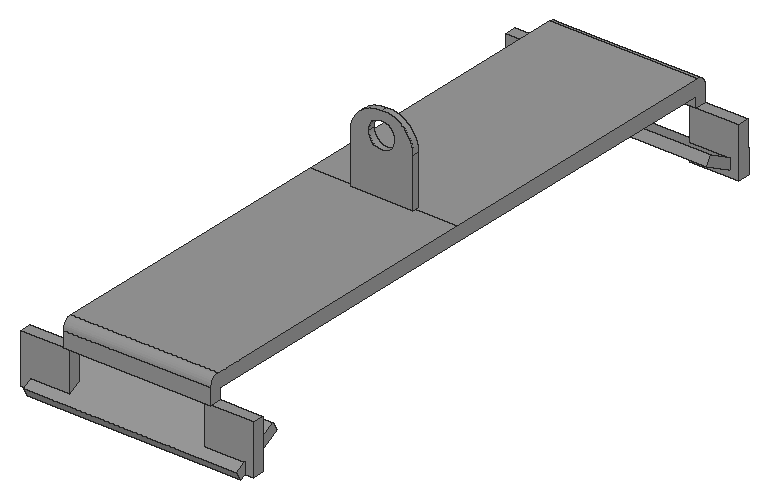
Revit family "Mounting Brackets PNR-05500", category Generic Models, Revit 2017
Family settings
  Can host rebar = No
  Round Connector Dimension = Use Diameter
  Part Type = Normal
  Work Plane-Based = Yes
  Always vertical = No
  Cut with Voids When Loaded = No
  Shared = No
  Room Calculation Point = No
Parameters (values of type "61-B1-R")
  Pendulum Visiblity = no
  Pendulum Start = 31 mm
  Pendulum Height [instance] = 250 mm
  Define - Bracket Article Number = "https://www.veko.com/images/documentation/products/Manual_Veko_linear_system_IP20-65_brackets.pdf"
  Default Elevation = 1219.2 mm
  Bracket Article Number = "*User Defined"
  BT30-R = no
  B7-R = no
  B7SO-R = no
  61-B3-CR = no
  61-B3-R = no
  61-B1-R = yes
  B3-CR = no
  B3-R = no
  BT60-R = no
  BT45-R = no
  B1-R = no
  Mounting_Material = Aluminum 7175 T73 0 Hot Formed
  Model = "61-B1-R"
  Manufacturer = "Veko Lightsystems"
  Description = "Mounting Brackets"
  Bracket_Width = 15 mm
  Copyright © IVLighting = "www.ivlighting.nl"
  Bolt_Visibility = no
  Bolt_Material = Brass, Soft Yellow, Welded
  Assembly Code = "63.0"
  (!) Note To User = "No Pendulum for BT30-R, BT45-R, BT60-R"  # constant formula
Reference planes
  plane 1 "Center (Front/Back)": y = 0
  plane 2: z = 0
  plane 3 "Center (Left/Right)": x = 0
Forms (mm)
  Extrusion 1, solid, material "Aluminum 7175 T73 0 Hot Formed" <- "Mounting_Material", visible <- "B1-R", not visible
    sketch origin (0, 0, 0) x (0, 1, 0) y (0, 0, 1)
      loop
        line (27.316, 16.457) -> (29.324, 15.313)
        arc (29.324, 15.313) -> (30.74, 15.32) -> (31.447, 16.548) r 1.42
        line (31.447, 16.548) -> (31.447, 22.478)
        arc (31.447, 22.478) -> (31.154, 23.185) -> (30.447, 23.478) r 1
        line (30.447, 23.478) -> (23.401, 23.478) -> (22.79, 22.866) -> (0.76, 22.866) -> (0.76, 39.839) -> (-0.76, 39.839) -> (-0.76, 22.866) -> (-22.79, 22.866) -> (-23.401, 23.478) -> (-30.447, 23.478)
        arc (-30.447, 23.478) -> (-31.154, 23.185) -> (-31.447, 22.478) r 1
        line (-31.447, 22.478) -> (-31.447, 16.548)
        arc (-31.447, 16.548) -> (-30.74, 15.32) -> (-29.324, 15.313) r 1.42
        line (-29.324, 15.313) -> (-27.316, 16.457) -> (-27.316, 19.29) -> (-29.392, 18.108)
        arc (-29.392, 18.108) -> (-29.937, 18.113) -> (-30.233, 18.572) r 0.575
        line (-30.233, 18.572) -> (-30.233, 21.978) -> (0, 21.978) -> (30.233, 21.978) -> (30.233, 18.572)
        arc (30.233, 18.572) -> (29.937, 18.113) -> (29.392, 18.108) r 0.575
        line (29.392, 18.108) -> (27.316, 19.29) -> (27.316, 16.457)
    from -7.5 to 7.5
  Extrusion 2, solid, material "Aluminum 7175 T73 0 Hot Formed" <- "Mounting_Material", visible <- "B3-R", not visible
    sketch origin (0, 0, 0) x (0, 1, 0) y (0, 0, 1)
      loop
        line (27.316, 16.457) -> (29.324, 15.313)
        arc (29.324, 15.313) -> (30.74, 15.32) -> (31.447, 16.548) r 1.42
        line (31.447, 16.548) -> (31.447, 22.478)
        arc (31.447, 22.478) -> (31.154, 23.185) -> (30.447, 23.478) r 1
        line (30.447, 23.478) -> (0, 23.478) -> (-30.447, 23.478)
        arc (-30.447, 23.478) -> (-31.154, 23.185) -> (-31.447, 22.478) r 1
        line (-31.447, 22.478) -> (-31.447, 20.993) -> (-31.171, 20.234) -> (-31.171, 17.78) -> (-31.447, 17.02) -> (-31.447, 15) -> (-31.171, 14.241) -> (-31.171, 11.786) -> (-31.447, 11.027) -> (-30.233, 11.027) -> (-30.233, 21.978) -> (0, 21.978) -> (30.233, 21.978) -> (30.233, 18.572)
        arc (30.233, 18.572) -> (29.937, 18.113) -> (29.392, 18.108) r 0.575
        line (29.392, 18.108) -> (27.316, 19.29) -> (27.316, 16.457)
    from -7.5 to 7.5
  Extrusion 3, solid, material "Aluminum 7175 T73 0 Hot Formed" <- "Mounting_Material", visible <- "B3-CR", not visible
    sketch origin (0, 0, 0) x (0, 1, 0) y (0, 0, 1)
      loop
        line (27.316, 16.457) -> (29.324, 15.313)
        arc (29.324, 15.313) -> (30.74, 15.32) -> (31.447, 16.548) r 1.42
        line (31.447, 16.548) -> (31.447, 22.478)
        arc (31.447, 22.478) -> (31.154, 23.185) -> (30.447, 23.478) r 1
        line (30.447, 23.478) -> (0, 23.478) -> (-30.447, 23.478)
        arc (-30.447, 23.478) -> (-31.154, 23.185) -> (-31.447, 22.478) r 1
        line (-31.447, 22.478) -> (-31.447, 20.993) -> (-31.171, 20.234) -> (-31.171, 17.78) -> (-31.447, 17.02) -> (-31.447, 15) -> (-31.171, 14.241) -> (-31.171, 11.786) -> (-31.447, 11.027) -> (-30.233, 11.027) -> (-30.233, 21.978) -> (0, 21.978) -> (30.233, 21.978) -> (30.233, 18.572)
        arc (30.233, 18.572) -> (29.937, 18.113) -> (29.392, 18.108) r 0.575
        line (29.392, 18.108) -> (27.316, 19.29) -> (27.316, 16.457)
    from -7.5 to 7.5
  Extrusion 4, solid, material "Aluminum 7175 T73 0 Hot Formed" <- "Mounting_Material", visible <- "B3-CR", not visible
    sketch origin (0, 0, 0) x (1, 0, 0) y (0, 1, 0)
      loop
        line (0, 10.171) -> (-8.808, 5.085) -> (-8.808, -5.085) -> (-8.808, -15.775) -> (1.45, -15.775) -> (1.45, -12.61) -> (-6.497, -12.61) -> (-6.497, -10.171) -> (0, -10.171) -> (8.808, -5.085) -> (8.808, 5.085) -> (8.808, 15.743) -> (-1.182, 15.743) -> (-1.182, 12.579) -> (6.497, 12.579) -> (6.497, 10.171) -> (0, 10.171)
    from 23.478 to 24.111
  Extrusion 5, solid, material "Aluminum 7175 T73 0 Hot Formed" <- "Mounting_Material", visible <- "B3-CR", not visible
    sketch origin (4.609, -28.355, 0.16) x (-0.981627, 0, -0.190809) y (0, -1, 0)
      loop
        line (-8.808, -12.579) -> (-11.549, -14.161) -> (-8.808, -15.743) -> (-1.345, -15.743) -> (-1.345, -12.579) -> (-8.808, -12.579)
    from 23.478 to 24.111
  Extrusion 6, solid, material "Aluminum 7175 T73 0 Hot Formed" <- "Mounting_Material", visible <- "61-B1-R", not visible
    sketch origin (0, 0, 0) x (0, 1, 0) y (0, 0, 1)
      loop
        line (30.233, 21.978) -> (30.233, 20.905) -> (31.447, 20.905) -> (31.447, 22.478)
        arc (31.447, 22.478) -> (31.154, 23.185) -> (30.447, 23.478) r 1
        line (30.447, 23.478) -> (0, 23.478) -> (-30.447, 23.478)
        arc (-30.447, 23.478) -> (-31.154, 23.185) -> (-31.447, 22.478) r 1
        line (-31.447, 22.478) -> (-31.447, 20.905) -> (-30.233, 20.905) -> (-30.233, 21.978) -> (0, 21.978) -> (30.233, 21.978)
    from -7.5 to 7.5
  Extrusion 7, solid, material "Aluminum 7175 T73 0 Hot Formed" <- "Mounting_Material", visible <- "61-B1-R", not visible
    sketch origin (0, 0, 0) x (1, 0, 0) y (0, 0, 1)
      loop
        line (-15, 20.905) -> (-15, 15.847) -> (-10, 15.847) -> (-10, 20.905) -> (-15, 20.905)
      loop
        line (15, 20.905) -> (10, 20.905) -> (10, 15.851) -> (15, 15.851) -> (15, 20.905)
    from 30.233 to 31.447
  Extrusion 8, solid, material "Aluminum 7175 T73 0 Hot Formed" <- "Mounting_Material", visible <- "61-B1-R", not visible
    sketch origin (0, -4.92, -6.328) x (0, 0.958613, -0.284711) y (0, 0.284711, 0.958613)
      loop
        line (-32.138, 13.312) -> (-28.462, 16.989) -> (-29.144, 17.671) -> (-32.821, 13.994) -> (-32.138, 13.312)
    from -10.76 to 10.938
  Extrusion 9, solid, material "Aluminum 7175 T73 0 Hot Formed" <- "Mounting_Material", visible <- "61-B1-R", not visible
    sketch origin (0, 0, 0) x (1, 0, 0) y (0, 0, -1)
      loop
        line (-15, -20.905) -> (-10, -20.905) -> (-10, -15.847) -> (-15, -15.847) -> (-15, -20.905)
      loop
        line (15, -20.905) -> (15, -15.851) -> (10, -15.851) -> (10, -20.905) -> (15, -20.905)
    from 30.233 to 31.447
  Extrusion 10, solid, material "Aluminum 7175 T73 0 Hot Formed" <- "Mounting_Material", visible <- "61-B1-R", not visible
    sketch origin (0, 4.92, -6.328) x (0, -0.958613, -0.284711) y (0, 0.284711, -0.958613)
      loop
        line (-32.138, -13.312) -> (-32.821, -13.994) -> (-29.144, -17.671) -> (-28.462, -16.989) -> (-32.138, -13.312)
    from -10.76 to 10.938
  Extrusion 11, solid, material "Aluminum 7175 T73 0 Hot Formed" <- "Mounting_Material", visible <- "61-B1-R", not visible
    sketch origin (0, 0, 0) x (1, 0, 0) y (0, 0, 1)
      loop
        line (-3.185, 23.478) -> (3.185, 23.478) -> (3.185, 28.478)
        arc (3.185, 28.478) -> (2.24, 30.663) -> (0, 31.469) r 2.997
        arc (0, 31.469) -> (-2.24, 30.663) -> (-3.185, 28.478) r 2.997
        line (-3.185, 28.478) -> (-3.185, 23.478)
      loop
        circle (0, 29.23) r 1.368
    from -0.341 to 0.325
  Extrusion 12, solid, material "Aluminum 7175 T73 0 Hot Formed" <- "Mounting_Material", visible <- "61-B3-CR", not visible
    sketch origin (0, 0, 0) x (0, 1, 0) y (0, 0, 1)
      loop
        line (30.233, 28.853) -> (30.233, 20.905) -> (31.447, 20.905) -> (31.447, 29.353)
        arc (31.447, 29.353) -> (31.154, 30.06) -> (30.447, 30.353) r 1
        line (30.447, 30.353) -> (0, 30.353) -> (-30.447, 30.353)
        arc (-30.447, 30.353) -> (-31.154, 30.06) -> (-31.447, 29.353) r 1
        line (-31.447, 29.353) -> (-31.447, 20.905) -> (-30.233, 20.905) -> (-30.233, 28.853) -> (-22.988, 28.853) -> (-18.15, 21.943) -> (0, 21.943) -> (18.15, 21.943) -> (22.988, 28.853) -> (30.233, 28.853)
      loop
        line (21.048, 28.853) -> (0, 28.853) -> (-21.048, 28.853) -> (-17.172, 23.317) -> (0, 23.317) -> (17.172, 23.317) -> (21.048, 28.853)
    from -7.5 to 7.5
  Extrusion 13, solid, material "Aluminum 7175 T73 0 Hot Formed" <- "Mounting_Material", visible <- "61-B3-CR", not visible
    sketch origin (0, 0, 0) x (1, 0, 0) y (0, 0, 1)
      loop
        line (-15, 19.866) -> (-15, 15.847) -> (-10, 15.847) -> (-10, 19.866) -> (-15, 19.866)
      loop
        line (15, 19.866) -> (10, 19.866) -> (10, 15.851) -> (15, 15.851) -> (15, 19.866)
    from 30.233 to 31.447
  Extrusion 14, solid, material "Aluminum 7175 T73 0 Hot Formed" <- "Mounting_Material", visible <- "61-B3-CR", not visible
    sketch origin (0, -4.92, -6.328) x (0, 0.958613, -0.284711) y (0, 0.284711, 0.958613)
      loop
        line (-32.138, 13.312) -> (-28.462, 16.989) -> (-29.144, 17.671) -> (-32.821, 13.994) -> (-32.138, 13.312)
    from -10.76 to 10.938
  Extrusion 15, solid, material "Aluminum 7175 T73 0 Hot Formed" <- "Mounting_Material", visible <- "61-B3-CR", not visible
    sketch origin (0, 0, 0) x (1, 0, 0) y (0, 0, -1)
      loop
        line (-15, -19.866) -> (-10, -19.866) -> (-10, -15.847) -> (-15, -15.847) -> (-15, -19.866)
      loop
        line (15, -19.866) -> (15, -15.851) -> (10, -15.851) -> (10, -19.866) -> (15, -19.866)
    from 30.233 to 31.447
  Extrusion 16, solid, material "Aluminum 7175 T73 0 Hot Formed" <- "Mounting_Material", visible <- "61-B3-CR", not visible
    sketch origin (0, 4.92, -6.328) x (0, -0.958613, -0.284711) y (0, 0.284711, -0.958613)
      loop
        line (-32.138, -13.312) -> (-32.821, -13.994) -> (-29.144, -17.671) -> (-28.462, -16.989) -> (-32.138, -13.312)
    from -10.76 to 10.938
  Extrusion 17, solid, material "Aluminum 7175 T73 0 Hot Formed" <- "Mounting_Material", visible <- "61-B3-CR", not visible
    sketch origin (0, 0, 0) x (1, 0, 0) y (0, 0, 1)
      loop
        line (-15, 19.866) -> (-10, 19.866) -> (-10, 20.695) -> (10, 20.695) -> (10, 19.866) -> (15, 19.866)
        arc (15, 19.866) -> (11.572, 22.197) -> (7.5, 22.978) r 10.238
        line (7.5, 22.978) -> (0, 22.978) -> (-7.5, 22.978)
        arc (-7.5, 22.978) -> (-11.572, 22.197) -> (-15, 19.866) r 10.238
    from 30.233 to 31.447
  Extrusion 18, solid, material "Aluminum 7175 T73 0 Hot Formed" <- "Mounting_Material", visible <- "61-B3-CR", not visible
    sketch origin (0, 0, 0) x (1, 0, 0) y (0, 0, -1)
      loop
        arc (-15, -19.866) -> (-11.572, -22.197) -> (-7.5, -22.978) r 10.238
        line (-7.5, -22.978) -> (0, -22.978) -> (7.5, -22.978)
        arc (7.5, -22.978) -> (11.572, -22.197) -> (15, -19.866) r 10.238
        line (15, -19.866) -> (10, -19.866) -> (10, -20.695) -> (-10, -20.695) -> (-10, -19.866) -> (-15, -19.866)
    from 30.233 to 31.447
  Extrusion 19, solid, material "Aluminum 7175 T73 0 Hot Formed" <- "Mounting_Material", visible <- "B3-CR", not visible
    sketch origin (-4.333, -0.014, 0.175) x (0.981627, 0, -0.190809) y (0, 1, 0)
      loop
        line (-8.808, 12.579) -> (-1.345, 12.579) -> (-1.345, 15.743) -> (-8.808, 15.743) -> (-11.549, 14.161) -> (-8.808, 12.579)
    from 23.478 to 24.111
  Extrusion 20, solid, material "Aluminum 7175 T73 0 Hot Formed" <- "Mounting_Material", visible <- "61-B3-R", not visible
    sketch origin (0, 0, 0) x (0, 1, 0) y (0, 0, 1)
      loop
        line (30.233, 28.853) -> (30.233, 20.905) -> (31.447, 20.905) -> (31.447, 29.353)
        arc (31.447, 29.353) -> (31.154, 30.06) -> (30.447, 30.353) r 1
        line (30.447, 30.353) -> (0, 30.353) -> (-30.447, 30.353)
        arc (-30.447, 30.353) -> (-31.154, 30.06) -> (-31.447, 29.353) r 1
        line (-31.447, 29.353) -> (-31.447, 20.905) -> (-30.233, 20.905) -> (-30.233, 28.853) -> (-22.988, 28.853) -> (-18.806, 22.881) -> (0, 22.881) -> (18.806, 22.881) -> (22.988, 28.853) -> (30.233, 28.853)
      loop
        line (21.048, 28.853) -> (0, 28.853) -> (-21.048, 28.853) -> (-17.828, 24.255) -> (0, 24.255) -> (17.828, 24.255) -> (21.048, 28.853)
    from -7.5 to 7.5
  Extrusion 21, solid, material "Aluminum 7175 T73 0 Hot Formed" <- "Mounting_Material", visible <- "61-B3-R", not visible
    sketch origin (0, 0, 0) x (1, 0, 0) y (0, 0, 1)
      loop
        line (-15, 19.866) -> (-15, 15.847) -> (-10, 15.847) -> (-10, 19.866) -> (-15, 19.866)
      loop
        line (15, 19.866) -> (10, 19.866) -> (10, 15.851) -> (15, 15.851) -> (15, 19.866)
    from 30.233 to 31.447
  Extrusion 22, solid, material "Aluminum 7175 T73 0 Hot Formed" <- "Mounting_Material", visible <- "61-B3-R", not visible
    sketch origin (0, -4.92, -6.328) x (0, 0.958613, -0.284711) y (0, 0.284711, 0.958613)
      loop
        line (-32.138, 13.312) -> (-28.462, 16.989) -> (-29.144, 17.671) -> (-32.821, 13.994) -> (-32.138, 13.312)
    from -10.76 to 10.938
  Extrusion 23, solid, material "Aluminum 7175 T73 0 Hot Formed" <- "Mounting_Material", visible <- "61-B3-R", not visible
    sketch origin (0, 0, 0) x (1, 0, 0) y (0, 0, -1)
      loop
        line (-15, -19.866) -> (-10, -19.866) -> (-10, -15.847) -> (-15, -15.847) -> (-15, -19.866)
      loop
        line (15, -19.866) -> (15, -15.851) -> (10, -15.851) -> (10, -19.866) -> (15, -19.866)
    from 30.233 to 31.447
  Extrusion 24, solid, material "Aluminum 7175 T73 0 Hot Formed" <- "Mounting_Material", visible <- "61-B3-R", not visible
    sketch origin (0, 4.92, -6.328) x (0, -0.958613, -0.284711) y (0, 0.284711, -0.958613)
      loop
        line (-32.138, -13.312) -> (-32.821, -13.994) -> (-29.144, -17.671) -> (-28.462, -16.989) -> (-32.138, -13.312)
    from -10.76 to 10.938
  Extrusion 25, solid, material "Aluminum 7175 T73 0 Hot Formed" <- "Mounting_Material", visible <- "61-B3-R", not visible
    sketch origin (0, 0, 0) x (1, 0, 0) y (0, 0, 1)
      loop
        line (-15, 19.866) -> (-10, 19.866) -> (-10, 20.695) -> (10, 20.695) -> (10, 19.866) -> (15, 19.866)
        arc (15, 19.866) -> (11.572, 22.197) -> (7.5, 22.978) r 10.238
        line (7.5, 22.978) -> (0, 22.978) -> (-7.5, 22.978)
        arc (-7.5, 22.978) -> (-11.572, 22.197) -> (-15, 19.866) r 10.238
    from 30.233 to 31.447
  Extrusion 26, solid, material "Aluminum 7175 T73 0 Hot Formed" <- "Mounting_Material", visible <- "61-B3-R", not visible
    sketch origin (0, 0, 0) x (1, 0, 0) y (0, 0, -1)
      loop
        arc (-15, -19.866) -> (-11.572, -22.197) -> (-7.5, -22.978) r 10.238
        line (-7.5, -22.978) -> (0, -22.978) -> (7.5, -22.978)
        arc (7.5, -22.978) -> (11.572, -22.197) -> (15, -19.866) r 10.238
        line (15, -19.866) -> (10, -19.866) -> (10, -20.695) -> (-10, -20.695) -> (-10, -19.866) -> (-15, -19.866)
    from 30.233 to 31.447
  Extrusion 27, solid, material "Aluminum 7175 T73 0 Hot Formed" <- "Mounting_Material", visible <- "B7SO-R", not visible
    sketch origin (0, 0, 0) x (0, 1, 0) y (0, 0, 1)
      loop
        line (27.316, 16.457) -> (29.324, 15.313)
        arc (29.324, 15.313) -> (30.74, 15.32) -> (31.447, 16.548) r 1.42
        line (31.447, 16.548) -> (31.447, 22.478)
        arc (31.447, 22.478) -> (31.154, 23.185) -> (30.447, 23.478) r 1
        line (30.447, 23.478) -> (0.813, 23.478) -> (0.813, 35.978) -> (0, 35.978) -> (-0.813, 35.978) -> (-0.813, 23.478) -> (-30.447, 23.478)
        arc (-30.447, 23.478) -> (-31.154, 23.185) -> (-31.447, 22.478) r 1
        line (-31.447, 22.478) -> (-31.447, 20.993) -> (-31.171, 20.234) -> (-31.171, 17.78) -> (-31.447, 17.02) -> (-31.447, 15) -> (-31.171, 14.241) -> (-31.171, 11.786) -> (-31.447, 11.027) -> (-30.233, 11.027) -> (-30.233, 21.978) -> (0, 21.978) -> (30.233, 21.978) -> (30.233, 18.572)
        arc (30.233, 18.572) -> (29.937, 18.113) -> (29.392, 18.108) r 0.575
        line (29.392, 18.108) -> (27.316, 19.29) -> (27.316, 16.457)
    from -7.5 to 7.5
  Extrusion 28, solid, material "Aluminum 7175 T73 0 Hot Formed" <- "Mounting_Material", visible <- "B7-R", not visible
    sketch origin (0, 0, 0) x (0, 1, 0) y (0, 0, 1)
      loop
        line (27.316, 16.457) -> (29.324, 15.313)
        arc (29.324, 15.313) -> (30.74, 15.32) -> (31.447, 16.548) r 1.42
        line (31.447, 16.548) -> (31.447, 22.478) -> (3.042, 88.4) -> (1.542, 88.4) -> (0.731, 88.182) -> (-4.388, 88.182) -> (-5.154, 88.387)
        arc (-5.154, 88.387) -> (-5.737, 88.059) -> (-5.969, 87.431) r 0.969
        line (-5.969, 87.431) -> (-5.969, 85.938) -> (-5, 85.938) -> (-5, 87.4) -> (2.065, 87.4) -> (29.608, 23.478) -> (0, 23.478) -> (-30.447, 23.478)
        arc (-30.447, 23.478) -> (-31.154, 23.185) -> (-31.447, 22.478) r 1
        line (-31.447, 22.478) -> (-31.447, 20.993) -> (-31.171, 20.234) -> (-31.171, 17.78) -> (-31.447, 17.02) -> (-31.447, 15) -> (-31.171, 14.241) -> (-31.171, 11.786) -> (-31.447, 11.027) -> (-30.233, 11.027) -> (-30.233, 21.978) -> (0, 21.978) -> (30.233, 21.978) -> (30.233, 18.572)
        arc (30.233, 18.572) -> (29.937, 18.113) -> (29.392, 18.108) r 0.575
        line (29.392, 18.108) -> (27.316, 19.29) -> (27.316, 16.457)
    from -7.5 to 7.5
  Extrusion 29, solid, material "Aluminum 7175 T73 0 Hot Formed" <- "Mounting_Material", visible <- "BT30-R", not visible
    sketch origin (0, 0, 0) x (0, 1, 0) y (0, 0, 1)
      loop
        line (27.316, 16.457) -> (29.324, 15.313)
        arc (29.324, 15.313) -> (30.74, 15.32) -> (31.447, 16.548) r 1.42
        line (31.447, 16.548) -> (31.447, 21.978) -> (32.247, 21.978)
        arc (32.247, 21.978) -> (33.17, 22.227) -> (33.843, 22.906) r 1.837
        line (33.843, 22.906) -> (49.45, 50.32) -> (48.147, 51.062) -> (32.443, 23.478) -> (0, 23.478) -> (-30.447, 23.478)
        arc (-30.447, 23.478) -> (-31.154, 23.185) -> (-31.447, 22.478) r 1
        line (-31.447, 22.478) -> (-31.447, 16.548)
        arc (-31.447, 16.548) -> (-30.74, 15.32) -> (-29.324, 15.313) r 1.42
        line (-29.324, 15.313) -> (-27.316, 16.457) -> (-27.316, 19.29) -> (-29.392, 18.108)
        arc (-29.392, 18.108) -> (-29.937, 18.113) -> (-30.233, 18.572) r 0.575
        line (-30.233, 18.572) -> (-30.233, 21.978) -> (0, 21.978) -> (30.233, 21.978) -> (30.233, 18.572)
        arc (30.233, 18.572) -> (29.937, 18.113) -> (29.392, 18.108) r 0.575
        line (29.392, 18.108) -> (27.316, 19.29) -> (27.316, 16.457)
    from -7.5 to 7.5
  Extrusion 30, solid, material "Aluminum 7175 T73 0 Hot Formed" <- "Mounting_Material", visible <- "BT45-R", not visible
    sketch origin (0, 85, 0) x (0, 1, 0) y (0, 0, 1)
      loop
        line (-54.767, 11.027) -> (-53.77, 11.027) -> (-54.165, 11.855) -> (-54.165, 14.107) -> (-53.77, 15.038) -> (-53.77, 17.847) -> (-54.165, 18.798) -> (-54.165, 21.05) -> (-53.771, 21.978) -> (-52.753, 21.978)
        arc (-52.753, 21.978) -> (-51.83, 22.227) -> (-51.157, 22.906) r 1.837
        line (-51.157, 22.906) -> (-45.238, 33.302) -> (-46.542, 34.044) -> (-52.557, 23.478) -> (-55.118, 23.478) -> (-55.955, 23.254) -> (-58.249, 23.254) -> (-59.086, 23.478) -> (-61.38, 23.478) -> (-62.217, 23.254) -> (-64.512, 23.254) -> (-65.348, 23.478) -> (-67.643, 23.478) -> (-68.48, 23.254) -> (-70.774, 23.254) -> (-71.611, 23.478) -> (-73.905, 23.478) -> (-74.742, 23.254) -> (-77.036, 23.254) -> (-77.873, 23.478) -> (-80.167, 23.478) -> (-81.004, 23.254) -> (-83.299, 23.254) -> (-84.135, 23.478) -> (-86.43, 23.478) -> (-87.267, 23.254) -> (-89.561, 23.254) -> (-90.398, 23.478) -> (-92.692, 23.478) -> (-93.529, 23.254) -> (-95.823, 23.254) -> (-96.66, 23.478) -> (-98.954, 23.478) -> (-99.791, 23.254) -> (-102.086, 23.254) -> (-102.922, 23.478) -> (-105.217, 23.478) -> (-106.053, 23.254) -> (-108.348, 23.254) -> (-109.185, 23.478) -> (-111.479, 23.478) -> (-112.316, 23.254) -> (-114.61, 23.254) -> (-115.447, 23.478)
        arc (-115.447, 23.478) -> (-116.154, 23.185) -> (-116.447, 22.478) r 1
        line (-116.447, 22.478) -> (-116.054, 21.554) -> (-116.054, 17.516) -> (-116.45, 16.565)
        arc (-116.45, 16.565) -> (-115.743, 15.334) -> (-114.323, 15.324) r 1.426
        line (-114.323, 15.324) -> (-112.316, 16.457) -> (-112.316, 19.29) -> (-114.392, 18.108)
        arc (-114.392, 18.108) -> (-114.937, 18.113) -> (-115.233, 18.572) r 0.575
        line (-115.233, 18.572) -> (-115.233, 21.978) -> (-85, 21.978) -> (-54.767, 21.978) -> (-54.767, 11.027)
    from -7.5 to 7.5
  Extrusion 31, solid, material "Aluminum 7175 T73 0 Hot Formed" <- "Mounting_Material", visible <- "BT60-R", not visible
    sketch origin (0, 0, 48.659) x (0, 1, 0) y (0, 0, 1)
      loop
        line (30.233, -37.632) -> (31.23, -37.632) -> (30.835, -36.805) -> (30.835, -34.552) -> (31.23, -33.621) -> (31.23, -30.812) -> (30.835, -29.862) -> (30.835, -27.609) -> (31.229, -26.865) -> (51.053, -26.865)
        arc (51.053, -26.865) -> (51.914, -26.658) -> (52.589, -26.084) r 1.9
        line (52.589, -26.084) -> (60.792, -17.377) -> (59.701, -16.348) -> (51.378, -25.181) -> (48.669, -25.181) -> (47.832, -25.405) -> (45.538, -25.405) -> (44.701, -25.181) -> (42.406, -25.181) -> (41.57, -25.405) -> (39.275, -25.405) -> (38.439, -25.181) -> (36.144, -25.181) -> (35.307, -25.405) -> (33.013, -25.405) -> (32.176, -25.181) -> (29.882, -25.181) -> (29.045, -25.405) -> (26.751, -25.405) -> (25.914, -25.181) -> (23.62, -25.181) -> (22.783, -25.405) -> (20.488, -25.405) -> (19.652, -25.181) -> (17.357, -25.181) -> (16.52, -25.405) -> (14.226, -25.405) -> (13.389, -25.181) -> (11.095, -25.181) -> (10.258, -25.405) -> (7.964, -25.405) -> (7.127, -25.181) -> (4.833, -25.181) -> (3.996, -25.405) -> (1.701, -25.405) -> (0.865, -25.181) -> (-1.43, -25.181) -> (-2.267, -25.405) -> (-4.561, -25.405) -> (-5.398, -25.181) -> (-7.692, -25.181) -> (-8.529, -25.405) -> (-10.823, -25.405) -> (-11.66, -25.181) -> (-13.954, -25.181) -> (-14.791, -25.405) -> (-17.086, -25.405) -> (-17.922, -25.181) -> (-20.217, -25.181) -> (-21.053, -25.405) -> (-23.348, -25.405) -> (-24.185, -25.181) -> (-26.479, -25.181) -> (-27.316, -25.405) -> (-29.61, -25.405) -> (-30.447, -25.181)
        arc (-30.447, -25.181) -> (-31.154, -25.474) -> (-31.447, -26.181) r 1
        line (-31.447, -26.181) -> (-31.054, -27.106) -> (-31.054, -31.143) -> (-31.45, -32.094)
        arc (-31.45, -32.094) -> (-30.743, -33.325) -> (-29.323, -33.336) r 1.426
        line (-29.323, -33.336) -> (-27.316, -32.203) -> (-27.316, -29.37) -> (-29.392, -30.552)
        arc (-29.392, -30.552) -> (-29.937, -30.546) -> (-30.233, -30.087) r 0.575
        line (-30.233, -30.087) -> (-30.233, -26.681) -> (0, -26.681) -> (30.233, -26.681) -> (30.233, -37.632)
    from -7.5 to 7.5
  Extrusion 32, solid, material "Aluminum 7175 T73 0 Hot Formed" <- "Mounting_Material", visible <- "61-B3-CR", not visible
    sketch origin (-0.121, 0, 7.036) x (1, 0, 0) y (0, 1, 0)
      loop
        line (0, 10.171) -> (-8.808, 5.085) -> (-8.808, -5.085) -> (-8.808, -15.775) -> (1.45, -15.775) -> (1.45, -12.61) -> (-6.497, -12.61) -> (-6.497, -10.171) -> (0, -10.171) -> (8.808, -5.085) -> (8.808, 5.085) -> (8.808, 15.743) -> (-1.182, 15.743) -> (-1.182, 12.579) -> (6.497, 12.579) -> (6.497, 10.171) -> (0, 10.171)
    from 23.478 to 24.111
  Extrusion 33, solid, material "Aluminum 7175 T73 0 Hot Formed" <- "Mounting_Material", visible <- "61-B3-CR", not visible
    sketch origin (4.488, -28.355, 7.196) x (-0.981627, 0, -0.190809) y (0, -1, 0)
      loop
        line (-8.808, -12.579) -> (-11.549, -14.161) -> (-8.808, -15.743) -> (-1.345, -15.743) -> (-1.345, -12.579) -> (-8.808, -12.579)
    from 23.478 to 24.111
  Extrusion 34, solid, material "Aluminum 7175 T73 0 Hot Formed" <- "Mounting_Material", visible <- "61-B3-CR", not visible
    sketch origin (-4.463, -0.026, 7.196) x (0.981627, 0, -0.190809) y (0, 1, 0)
      loop
        line (-8.808, 12.579) -> (-1.345, 12.579) -> (-1.345, 15.743) -> (-8.808, 15.743) -> (-11.549, 14.161) -> (-8.808, 12.579)
    from 23.478 to 24.111
  Extrusion 35, solid, material "Aluminum 7175 T73 0 Hot Formed" <- "Mounting_Material", visible <- "61-B1-R"
    sketch origin (0, 0, -0.078) x (0, 1, 0) y (0, 0, 1)
      loop
        line (30.233, 21.978) -> (30.233, 20.905) -> (31.447, 20.905) -> (31.447, 22.478)
        arc (31.447, 22.478) -> (31.154, 23.185) -> (30.447, 23.478) r 1
        line (30.447, 23.478) -> (0, 23.478) -> (-30.447, 23.478)
        arc (-30.447, 23.478) -> (-31.154, 23.185) -> (-31.447, 22.478) r 1
        line (-31.447, 22.478) -> (-31.447, 20.905) -> (-30.233, 20.905) -> (-30.233, 21.978) -> (0, 21.978) -> (30.233, 21.978)
    from -7.5 to 7.5
  Extrusion 36, solid, material "Aluminum 7175 T73 0 Hot Formed" <- "Mounting_Material", visible <- "61-B1-R"
    sketch origin (0, 0, -0.078) x (1, 0, 0) y (0, 0, 1)
      loop
        line (-11.875, 20.905) -> (-11.875, 15.847) -> (-6.875, 15.847) -> (-6.875, 20.905) -> (-11.875, 20.905)
      loop
        line (11.875, 20.905) -> (6.875, 20.905) -> (6.875, 15.851) -> (11.875, 15.851) -> (11.875, 20.905)
    from 30.233 to 31.447
  Extrusion 37, solid, material "Aluminum 7175 T73 0 Hot Formed" <- "Mounting_Material", visible <- "61-B1-R"
    sketch origin (0, -4.92, -6.406) x (0, 0.958613, -0.284711) y (0, 0.284711, 0.958613)
      loop
        line (-32.138, 13.312) -> (-28.462, 16.989) -> (-29.144, 17.671) -> (-32.821, 13.994) -> (-32.138, 13.312)
    from -10.76 to 10.938
  Extrusion 38, solid, material "Aluminum 7175 T73 0 Hot Formed" <- "Mounting_Material", visible <- "61-B1-R"
    sketch origin (0, 0, -0.078) x (1, 0, 0) y (0, 0, -1)
      loop
        line (-11.875, -20.905) -> (-6.875, -20.905) -> (-6.875, -15.847) -> (-11.875, -15.847) -> (-11.875, -20.905)
      loop
        line (11.875, -20.905) -> (11.875, -15.851) -> (6.875, -15.851) -> (6.875, -20.905) -> (11.875, -20.905)
    from 30.233 to 31.447
  Extrusion 39, solid, material "Aluminum 7175 T73 0 Hot Formed" <- "Mounting_Material", visible <- "61-B1-R"
    sketch origin (0, 4.92, -6.406) x (0, -0.958613, -0.284711) y (0, 0.284711, -0.958613)
      loop
        line (-32.138, -13.312) -> (-32.821, -13.994) -> (-29.144, -17.671) -> (-28.462, -16.989) -> (-32.138, -13.312)
    from -10.76 to 10.938
  Extrusion 40, solid, material "Aluminum 7175 T73 0 Hot Formed" <- "Mounting_Material", visible <- "61-B1-R"
    sketch origin (0, 0, -0.078) x (1, 0, 0) y (0, 0, 1)
      loop
        line (-3.185, 23.478) -> (3.185, 23.478) -> (3.185, 28.478)
        arc (3.185, 28.478) -> (2.24, 30.663) -> (0, 31.469) r 2.997
        arc (0, 31.469) -> (-2.24, 30.663) -> (-3.185, 28.478) r 2.997
        line (-3.185, 28.478) -> (-3.185, 23.478)
      loop
        circle (0, 29.23) r 1.368
    from -0.341 to 0.325
  Extrusion 41, solid, material "Aluminum 7175 T73 0 Hot Formed" <- "Mounting_Material", not visible
    sketch origin (0, 0, 21.9) x (0, 1, 0) y (0, 0, 1)
      loop
        arc (31.527, 39.693) -> (31.34, 40.143) -> (30.889, 40.33) r 0.637
        line (30.889, 40.33) -> (26.342, 40.33) -> (0.65, 97.402) -> (0.65, 107.259) -> (-0.65, 107.259) -> (-0.65, 96.933) -> (25.582, 38.662) -> (30.312, 38.662) -> (30.313, 20.737) -> (31.527, 20.737) -> (31.527, 21.718) -> (31.25, 22.477) -> (31.25, 24.932) -> (31.527, 25.691) -> (31.527, 27.711) -> (31.25, 28.471) -> (31.25, 30.925) -> (31.527, 31.684) -> (31.527, 33.705) -> (31.25, 34.464) -> (31.25, 36.919) -> (31.527, 37.678) -> (31.527, 39.693)
    from 0 to 8.75
  Extrusion 42, solid, material "Aluminum 7175 T73 0 Hot Formed" <- "Mounting_Material", not visible
    sketch origin (0, -0.233, -28.889) x (0, 1, 0) y (0, 0, 1)
      loop
        line (5.837, 138.361) -> (4.016, 138.361) -> (3.204, 138.144) -> (-1.915, 138.144) -> (-2.681, 138.349)
        arc (-2.681, 138.349) -> (-3.264, 138.02) -> (-3.495, 137.392) r 0.969
        line (-3.495, 137.392) -> (-3.495, 135.9) -> (-2.526, 135.9) -> (-2.526, 137.361) -> (4.784, 137.361) -> (25.815, 89.451) -> (30.545, 89.451) -> (30.545, 71.526) -> (31.759, 71.526) -> (31.759, 72.507) -> (31.483, 73.266) -> (31.483, 75.72) -> (31.759, 76.48) -> (31.759, 78.5) -> (31.483, 79.259) -> (31.483, 81.714) -> (31.759, 82.473) -> (31.759, 84.494) -> (31.483, 85.253) -> (31.483, 87.707) -> (31.759, 88.466) -> (31.759, 90.481)
        arc (31.759, 90.481) -> (31.573, 90.932) -> (31.122, 91.119) r 0.637
        line (31.122, 91.119) -> (26.575, 91.119) -> (5.837, 138.361)
    from -7.5 to 7.5
  Extrusion 43, solid, material "Aluminum 7175 T73 0 Hot Formed" <- "Mounting_Material", not visible
    sketch origin (0, 0, 21.9) x (0, 1, 0) y (0, 0, 1)
      loop
        line (5.071, 83.809) -> (3.065, 83.809) -> (2.253, 83.592) -> (-2.22, 83.592) -> (-2.985, 83.797)
        arc (-2.985, 83.797) -> (-3.569, 83.469) -> (-3.8, 82.841) r 0.969
        line (-3.8, 82.841) -> (-3.8, 81.348) -> (-2.831, 81.348) -> (-2.831, 82.809) -> (3.942, 82.809) -> (18.322, 58.649) -> (23.053, 58.649) -> (23.053, 40.724) -> (24.267, 40.724) -> (24.267, 41.705) -> (23.991, 42.464) -> (23.991, 44.919) -> (24.267, 45.678) -> (24.267, 47.698) -> (23.991, 48.457) -> (23.991, 50.912) -> (24.267, 51.671) -> (24.267, 53.692) -> (23.991, 54.451) -> (23.991, 56.905) -> (24.267, 57.665) -> (24.267, 59.679)
        arc (24.267, 59.679) -> (24.08, 60.13) -> (23.63, 60.317) r 0.637
        line (23.63, 60.317) -> (19.083, 60.317) -> (5.071, 83.809)
    from -7.5 to 7.5
  Extrusion 44, solid, material "Aluminum 7175 T73 0 Hot Formed" <- "Mounting_Material", not visible
    sketch origin (0, 0, 21.9) x (0, 1, 0) y (0, 0, 1)
      loop
        line (-19.083, 60.317) -> (-23.451, 60.317)
        arc (-23.451, 60.317) -> (-24.003, 60.088) -> (-24.231, 59.537) r 0.78
        line (-24.231, 59.537) -> (-24.231, 52.95) -> (-21.643, 52.95) -> (-21.643, 54.321) -> (-23.053, 54.321) -> (-23.053, 58.649) -> (-18.322, 58.649) -> (-5.064, 80.716) -> (-1.86, 80.716) -> (-1.86, 82.666) -> (-2.699, 82.666) -> (-2.699, 81.254) -> (-3.886, 81.254) -> (-3.886, 83.878) -> (-2.831, 83.878) -> (-1.86, 83.618) -> (-1.86, 84.724) -> (-5.071, 84.724) -> (-5.071, 83.636) -> (-19.083, 60.317)
    from -7.5 to 7.5
  Extrusion 45, solid, material "Aluminum 7175 T73 0 Hot Formed" <- "Mounting_Material", not visible
    sketch origin (0, 0, 21.9) x (0, 1, 0) y (0, 0, 1)
      loop
        line (4.533, 28.165) -> (2.267, 28.165) -> (2.267, 30.175) -> (0.73, 31.465) -> (0.73, 46.605) -> (-0.652, 46.605) -> (-0.652, 31.531) -> (-2.267, 30.175) -> (-2.267, 28.165) -> (-4.533, 28.165) -> (-6.218, 26.48) -> (-6.218, 23.733) -> (0, 23.733) -> (6.218, 23.733) -> (6.218, 26.48) -> (4.533, 28.165)
    from -7.5 to 7.5
  Extrusion 46, solid, material "Aluminum 7175 T73 0 Hot Formed" <- "Mounting_Material", not visible
    sketch origin (0, 0, 21.9) x (0, 1, 0) y (0, 0, 1)
      loop
        line (4.533, 28.165) -> (2.045, 28.165) -> (2.045, 30.211) -> (12.468, 30.211) -> (12.468, 90.211) -> (-6.218, 90.211) -> (-6.218, 86.79) -> (-4.773, 86.79) -> (-4.773, 88.776) -> (10.718, 88.776) -> (10.718, 31.777) -> (-12.468, 31.777) -> (-12.468, 30.211) -> (-2.037, 30.211) -> (-2.037, 28.165) -> (-4.533, 28.165) -> (-6.218, 26.48) -> (-6.218, 23.733) -> (0, 23.733) -> (6.218, 23.733) -> (6.218, 26.48) -> (4.533, 28.165)
    from -7.5 to 7.5
  Extrusion 47, solid, material "Aluminum 7175 T73 0 Hot Formed" <- "Mounting_Material", not visible
    sketch origin (0, 0, 21.9) x (0, 1, 0) y (0, 0, 1)
      loop
        line (4.533, 28.165) -> (2.267, 28.165) -> (2.267, 29.003) -> (1.256, 30.209) -> (-1.256, 30.209) -> (-2.267, 29.003) -> (-2.267, 28.165) -> (-4.533, 28.165) -> (-6.218, 26.48) -> (-6.218, 23.733) -> (0, 23.733) -> (6.218, 23.733) -> (6.218, 26.48) -> (4.533, 28.165)
    from -7.5 to 7.5
  Revolve 48, solid, material "Aluminum 7175 T73 0 Hot Formed" <- "Mounting_Material", not visible
    sketch origin (0, 0, 21.9) x (0, 1, 0) y (0, 0, 1)
      loop
        line (0, 30.209) -> (2.267, 30.209) -> (2.267, 67.425) -> (1.27, 67.425) -> (1.27, 72.72) -> (0, 72.72) -> (0, 30.209)
      axis (0, 72.72) -> (0, 30.209)
    angle from 0 to 360
  Extrusion 49, solid, material "Aluminum 7175 T73 0 Hot Formed" <- "Mounting_Material", not visible
    sketch origin (0, 0, 21.9) x (0, 1, 0) y (0, 0, 1)
      loop
        line (4.74, 28.665) -> (3.683, 27.155)
        arc (3.683, 27.155) -> (3.298, 27.024) -> (3.057, 27.352) r 0.344
        line (3.057, 27.352) -> (3.057, 33.9) -> (5.647, 33.9) -> (5.647, 48.605) -> (0, 48.605) -> (-5.647, 48.605) -> (-5.647, 33.9) -> (-3.057, 33.9) -> (-3.057, 27.352)
        arc (-3.057, 27.352) -> (-3.298, 27.024) -> (-3.683, 27.155) r 0.344
        line (-3.683, 27.155) -> (-4.74, 28.665) -> (-5.339, 28.066) -> (-3.043, 24.787)
        arc (-3.043, 24.787) -> (-2.691, 24.668) -> (-2.471, 24.967) r 0.314
        line (-2.471, 24.967) -> (-2.471, 34.442) -> (-5.087, 34.442) -> (-5.087, 48.023) -> (0, 48.023) -> (5.087, 48.023) -> (5.087, 34.442) -> (2.471, 34.442) -> (2.471, 24.967)
        arc (2.471, 24.967) -> (2.691, 24.668) -> (3.043, 24.787) r 0.314
        line (3.043, 24.787) -> (5.339, 28.066) -> (4.74, 28.665)
    from -7.5 to 7.5
  Extrusion 50, solid, material "Aluminum 7175 T73 0 Hot Formed" <- "Mounting_Material", not visible
    sketch origin (0, 0, 21.9) x (0, 1, 0) y (0, 0, 1)
      loop
        line (4.74, 28.665) -> (3.683, 27.155)
        arc (3.683, 27.155) -> (3.298, 27.024) -> (3.057, 27.352) r 0.344
        line (3.057, 27.352) -> (3.057, 33.9) -> (5.647, 33.9) -> (5.647, 48.605) -> (0, 48.605) -> (-5.647, 48.605) -> (-5.647, 33.9) -> (-3.057, 33.9) -> (-3.057, 27.352)
        arc (-3.057, 27.352) -> (-3.298, 27.024) -> (-3.683, 27.155) r 0.344
        line (-3.683, 27.155) -> (-4.74, 28.665) -> (-5.339, 28.066) -> (-3.043, 24.787)
        arc (-3.043, 24.787) -> (-2.691, 24.668) -> (-2.471, 24.967) r 0.314
        line (-2.471, 24.967) -> (-2.471, 34.442) -> (-5.087, 34.442) -> (-5.087, 48.023) -> (0, 48.023) -> (5.087, 48.023) -> (5.087, 34.442) -> (2.471, 34.442) -> (2.471, 24.967)
        arc (2.471, 24.967) -> (2.691, 24.668) -> (3.043, 24.787) r 0.314
        line (3.043, 24.787) -> (5.339, 28.066) -> (4.74, 28.665)
    from -7.5 to 7.5
  Extrusion 51, solid, material "Aluminum 7175 T73 0 Hot Formed" <- "Mounting_Material", not visible
    sketch origin (0, 0, 47.003) x (1, 0, 0) y (0, 1, 0)
      loop
        line (0, 10.171) -> (-8.808, 5.085) -> (-8.808, -5.085) -> (-8.808, -15.775) -> (1.45, -15.775) -> (1.45, -12.61) -> (-6.497, -12.61) -> (-6.497, -10.171) -> (0, -10.171) -> (8.808, -5.085) -> (8.808, 5.085) -> (8.808, 15.743) -> (-1.182, 15.743) -> (-1.182, 12.579) -> (6.497, 12.579) -> (6.497, 10.171) -> (0, 10.171)
    from 23.478 to 24.111
  Extrusion 52, solid, material "Aluminum 7175 T73 0 Hot Formed" <- "Mounting_Material", not visible
    sketch origin (4.609, -28.355, 47.163) x (-0.981627, 0, -0.190809) y (0, -1, 0)
      loop
        line (-8.808, -12.579) -> (-11.549, -14.161) -> (-8.808, -15.743) -> (-1.345, -15.743) -> (-1.345, -12.579) -> (-8.808, -12.579)
    from 23.478 to 24.111
  Extrusion 53, solid, material "Aluminum 7175 T73 0 Hot Formed" <- "Mounting_Material", not visible
    sketch origin (-4.342, -0.026, 47.163) x (0.981627, 0, -0.190809) y (0, 1, 0)
      loop
        line (-8.808, 12.579) -> (-1.345, 12.579) -> (-1.345, 15.743) -> (-8.808, 15.743) -> (-11.549, 14.161) -> (-8.808, 12.579)
    from 23.478 to 24.111
  Extrusion 54, solid, material "Aluminum 7175 T73 0 Hot Formed" <- "Mounting_Material", visible <- "61-B3-CR"
    sketch origin (0, 0, -0.043) x (0, 1, 0) y (0, 0, 1)
      loop
        line (30.233, 28.853) -> (30.233, 20.905) -> (31.447, 20.905) -> (31.447, 29.353)
        arc (31.447, 29.353) -> (31.154, 30.06) -> (30.447, 30.353) r 1
        line (30.447, 30.353) -> (0, 30.353) -> (-30.447, 30.353)
        arc (-30.447, 30.353) -> (-31.154, 30.06) -> (-31.447, 29.353) r 1
        line (-31.447, 29.353) -> (-31.447, 20.905) -> (-30.233, 20.905) -> (-30.233, 28.853) -> (-22.988, 28.853) -> (-18.15, 21.943) -> (0, 21.943) -> (18.15, 21.943) -> (22.988, 28.853) -> (30.233, 28.853)
      loop
        line (21.048, 28.853) -> (0, 28.853) -> (-21.048, 28.853) -> (-17.172, 23.317) -> (0, 23.317) -> (17.172, 23.317) -> (21.048, 28.853)
    from -7.5 to 7.5
  Extrusion 55, solid, material "Aluminum 7175 T73 0 Hot Formed" <- "Mounting_Material", visible <- "61-B3-CR"
    sketch origin (0, 0, -0.043) x (1, 0, 0) y (0, 0, 1)
      loop
        line (-15, 19.866) -> (-15, 15.847) -> (-10, 15.847) -> (-10, 19.866) -> (-15, 19.866)
      loop
        line (15, 19.866) -> (10, 19.866) -> (10, 15.851) -> (15, 15.851) -> (15, 19.866)
    from 30.233 to 31.447
  Extrusion 56, solid, material "Aluminum 7175 T73 0 Hot Formed" <- "Mounting_Material", visible <- "61-B3-CR"
    sketch origin (0, -4.92, -6.371) x (0, 0.958613, -0.284711) y (0, 0.284711, 0.958613)
      loop
        line (-32.138, 13.312) -> (-28.462, 16.989) -> (-29.144, 17.671) -> (-32.821, 13.994) -> (-32.138, 13.312)
    from -10.76 to 10.938
  Extrusion 57, solid, material "Aluminum 7175 T73 0 Hot Formed" <- "Mounting_Material", visible <- "61-B3-CR"
    sketch origin (0, 0, -0.043) x (1, 0, 0) y (0, 0, -1)
      loop
        line (-15, -19.866) -> (-10, -19.866) -> (-10, -15.847) -> (-15, -15.847) -> (-15, -19.866)
      loop
        line (15, -19.866) -> (15, -15.851) -> (10, -15.851) -> (10, -19.866) -> (15, -19.866)
    from 30.233 to 31.447
  Extrusion 58, solid, material "Aluminum 7175 T73 0 Hot Formed" <- "Mounting_Material", visible <- "61-B3-CR"
    sketch origin (0, 4.92, -6.371) x (0, -0.958613, -0.284711) y (0, 0.284711, -0.958613)
      loop
        line (-32.138, -13.312) -> (-32.821, -13.994) -> (-29.144, -17.671) -> (-28.462, -16.989) -> (-32.138, -13.312)
    from -10.76 to 10.938
  Extrusion 59, solid, material "Aluminum 7175 T73 0 Hot Formed" <- "Mounting_Material", visible <- "61-B3-CR"
    sketch origin (0, 0, -0.043) x (1, 0, 0) y (0, 0, 1)
      loop
        line (-15, 19.866) -> (-10, 19.866) -> (-10, 20.695) -> (10, 20.695) -> (10, 19.866) -> (15, 19.866)
        arc (15, 19.866) -> (11.572, 22.197) -> (7.5, 22.978) r 10.238
        line (7.5, 22.978) -> (0, 22.978) -> (-7.5, 22.978)
        arc (-7.5, 22.978) -> (-11.572, 22.197) -> (-15, 19.866) r 10.238
    from 30.233 to 31.447
  Extrusion 60, solid, material "Aluminum 7175 T73 0 Hot Formed" <- "Mounting_Material", visible <- "61-B3-CR"
    sketch origin (0, 0, -0.043) x (1, 0, 0) y (0, 0, -1)
      loop
        arc (-15, -19.866) -> (-11.572, -22.197) -> (-7.5, -22.978) r 10.238
        line (-7.5, -22.978) -> (0, -22.978) -> (7.5, -22.978)
        arc (7.5, -22.978) -> (11.572, -22.197) -> (15, -19.866) r 10.238
        line (15, -19.866) -> (10, -19.866) -> (10, -20.695) -> (-10, -20.695) -> (-10, -19.866) -> (-15, -19.866)
    from 30.233 to 31.447
  Extrusion 61, solid, material "Aluminum 7175 T73 0 Hot Formed" <- "Mounting_Material", visible <- "61-B3-CR"
    sketch origin (-0.121, 0, 6.993) x (1, 0, 0) y (0, 1, 0)
      loop
        line (0, 10.171) -> (-8.808, 5.085) -> (-8.808, -5.085) -> (-8.808, -15.775) -> (1.45, -15.775) -> (1.45, -12.61) -> (-6.497, -12.61) -> (-6.497, -10.171) -> (0, -10.171) -> (8.808, -5.085) -> (8.808, 5.085) -> (8.808, 15.743) -> (-1.182, 15.743) -> (-1.182, 12.579) -> (6.497, 12.579) -> (6.497, 10.171) -> (0, 10.171)
    from 23.478 to 24.111
  Extrusion 62, solid, material "Aluminum 7175 T73 0 Hot Formed" <- "Mounting_Material", visible <- "61-B3-CR"
    sketch origin (4.488, -28.355, 7.152) x (-0.981627, 0, -0.190809) y (0, -1, 0)
      loop
        line (-8.808, -12.579) -> (-11.549, -14.161) -> (-8.808, -15.743) -> (-1.345, -15.743) -> (-1.345, -12.579) -> (-8.808, -12.579)
    from 23.478 to 24.111
  Extrusion 63, solid, material "Aluminum 7175 T73 0 Hot Formed" <- "Mounting_Material", visible <- "61-B3-CR"
    sketch origin (-4.463, -0.026, 7.152) x (0.981627, 0, -0.190809) y (0, 1, 0)
      loop
        line (-8.808, 12.579) -> (-1.345, 12.579) -> (-1.345, 15.743) -> (-8.808, 15.743) -> (-11.549, 14.161) -> (-8.808, 12.579)
    from 23.478 to 24.111
  Extrusion 64, solid, material "Aluminum 7175 T73 0 Hot Formed" <- "Mounting_Material", visible <- "61-B3-R"
    sketch origin (0, 0, -0.981) x (0, 1, 0) y (0, 0, 1)
      loop
        line (30.233, 28.853) -> (30.233, 20.905) -> (31.447, 20.905) -> (31.447, 29.353)
        arc (31.447, 29.353) -> (31.154, 30.06) -> (30.447, 30.353) r 1
        line (30.447, 30.353) -> (0, 30.353) -> (-30.447, 30.353)
        arc (-30.447, 30.353) -> (-31.154, 30.06) -> (-31.447, 29.353) r 1
        line (-31.447, 29.353) -> (-31.447, 20.905) -> (-30.233, 20.905) -> (-30.233, 28.853) -> (-22.988, 28.853) -> (-18.806, 22.881) -> (0, 22.881) -> (18.806, 22.881) -> (22.988, 28.853) -> (30.233, 28.853)
      loop
        line (21.048, 28.853) -> (0, 28.853) -> (-21.048, 28.853) -> (-17.828, 24.255) -> (0, 24.255) -> (17.828, 24.255) -> (21.048, 28.853)
    from -7.5 to 7.5
  Extrusion 65, solid, material "Aluminum 7175 T73 0 Hot Formed" <- "Mounting_Material", visible <- "61-B3-R"
    sketch origin (0, 0, -0.981) x (1, 0, 0) y (0, 0, 1)
      loop
        line (-15, 19.866) -> (-15, 15.847) -> (-10, 15.847) -> (-10, 19.866) -> (-15, 19.866)
      loop
        line (15, 19.866) -> (10, 19.866) -> (10, 15.851) -> (15, 15.851) -> (15, 19.866)
    from 30.233 to 31.447
  Extrusion 66, solid, material "Aluminum 7175 T73 0 Hot Formed" <- "Mounting_Material", visible <- "61-B3-R"
    sketch origin (0, -4.92, -7.309) x (0, 0.958613, -0.284711) y (0, 0.284711, 0.958613)
      loop
        line (-32.138, 13.312) -> (-28.462, 16.989) -> (-29.144, 17.671) -> (-32.821, 13.994) -> (-32.138, 13.312)
    from -10.76 to 10.938
  Extrusion 67, solid, material "Aluminum 7175 T73 0 Hot Formed" <- "Mounting_Material", visible <- "61-B3-R"
    sketch origin (0, 0, -0.981) x (1, 0, 0) y (0, 0, -1)
      loop
        line (-15, -19.866) -> (-10, -19.866) -> (-10, -15.847) -> (-15, -15.847) -> (-15, -19.866)
      loop
        line (15, -19.866) -> (15, -15.851) -> (10, -15.851) -> (10, -19.866) -> (15, -19.866)
    from 30.233 to 31.447
  Extrusion 68, solid, material "Aluminum 7175 T73 0 Hot Formed" <- "Mounting_Material", visible <- "61-B3-R"
    sketch origin (0, 4.92, -7.309) x (0, -0.958613, -0.284711) y (0, 0.284711, -0.958613)
      loop
        line (-32.138, -13.312) -> (-32.821, -13.994) -> (-29.144, -17.671) -> (-28.462, -16.989) -> (-32.138, -13.312)
    from -10.76 to 10.938
  Extrusion 69, solid, material "Aluminum 7175 T73 0 Hot Formed" <- "Mounting_Material", visible <- "61-B3-R"
    sketch origin (0, 0, -0.981) x (1, 0, 0) y (0, 0, 1)
      loop
        line (-15, 19.866) -> (-10, 19.866) -> (-10, 20.695) -> (10, 20.695) -> (10, 19.866) -> (15, 19.866)
        arc (15, 19.866) -> (11.572, 22.197) -> (7.5, 22.978) r 10.238
        line (7.5, 22.978) -> (0, 22.978) -> (-7.5, 22.978)
        arc (-7.5, 22.978) -> (-11.572, 22.197) -> (-15, 19.866) r 10.238
    from 30.233 to 31.447
  Extrusion 70, solid, material "Aluminum 7175 T73 0 Hot Formed" <- "Mounting_Material", visible <- "61-B3-R"
    sketch origin (0, 0, -0.981) x (1, 0, 0) y (0, 0, -1)
      loop
        arc (-15, -19.866) -> (-11.572, -22.197) -> (-7.5, -22.978) r 10.238
        line (-7.5, -22.978) -> (0, -22.978) -> (7.5, -22.978)
        arc (7.5, -22.978) -> (11.572, -22.197) -> (15, -19.866) r 10.238
        line (15, -19.866) -> (10, -19.866) -> (10, -20.695) -> (-10, -20.695) -> (-10, -19.866) -> (-15, -19.866)
    from 30.233 to 31.447
  Extrusion 71, solid, material "Aluminum 7175 T73 0 Hot Formed" <- "Mounting_Material", visible <- "B1-R"
    sketch origin (0, 0, -0.078) x (0, 1, 0) y (0, 0, 1)
      loop
        line (27.316, 16.457) -> (29.324, 15.313)
        arc (29.324, 15.313) -> (30.74, 15.32) -> (31.447, 16.548) r 1.42
        line (31.447, 16.548) -> (31.447, 22.478)
        arc (31.447, 22.478) -> (31.154, 23.185) -> (30.447, 23.478) r 1
        line (30.447, 23.478) -> (23.401, 23.478) -> (22.79, 22.866) -> (0.76, 22.866) -> (0.76, 39.839) -> (-0.76, 39.839) -> (-0.76, 22.866) -> (-22.79, 22.866) -> (-23.401, 23.478) -> (-30.447, 23.478)
        arc (-30.447, 23.478) -> (-31.154, 23.185) -> (-31.447, 22.478) r 1
        line (-31.447, 22.478) -> (-31.447, 16.548)
        arc (-31.447, 16.548) -> (-30.74, 15.32) -> (-29.324, 15.313) r 1.42
        line (-29.324, 15.313) -> (-27.316, 16.457) -> (-27.316, 19.29) -> (-29.392, 18.108)
        arc (-29.392, 18.108) -> (-29.937, 18.113) -> (-30.233, 18.572) r 0.575
        line (-30.233, 18.572) -> (-30.233, 21.978) -> (0, 21.978) -> (30.233, 21.978) -> (30.233, 18.572)
        arc (30.233, 18.572) -> (29.937, 18.113) -> (29.392, 18.108) r 0.575
        line (29.392, 18.108) -> (27.316, 19.29) -> (27.316, 16.457)
    from -7.5 to 7.5
  Extrusion 72, solid, material "Aluminum 7175 T73 0 Hot Formed" <- "Mounting_Material", visible <- "Bolt_Visibility"
    sketch origin (0, 0, -2.891) x (1, 0, 0) y (0, 0, 1)
      loop
        line (2.374, 19.237) -> (1.243, 21.195) -> (-1.018, 21.195) -> (-2.148, 19.237) -> (-1.018, 17.279) -> (1.243, 17.279) -> (2.374, 19.237)
    from 31.447 to 32.296
  Extrusion 73, solid, material "Aluminum 7175 T73 0 Hot Formed" <- "Mounting_Material", visible <- "B3-CR"
    sketch origin (0, 0, -0.078) x (0, 1, 0) y (0, 0, 1)
      loop
        line (27.316, 16.457) -> (29.324, 15.313)
        arc (29.324, 15.313) -> (30.74, 15.32) -> (31.447, 16.548) r 1.42
        line (31.447, 16.548) -> (31.447, 22.478)
        arc (31.447, 22.478) -> (31.154, 23.185) -> (30.447, 23.478) r 1
        line (30.447, 23.478) -> (0, 23.478) -> (-30.447, 23.478)
        arc (-30.447, 23.478) -> (-31.154, 23.185) -> (-31.447, 22.478) r 1
        line (-31.447, 22.478) -> (-31.447, 20.993) -> (-31.171, 20.234) -> (-31.171, 17.78) -> (-31.447, 17.02) -> (-31.447, 15) -> (-31.171, 14.241) -> (-31.171, 11.786) -> (-31.447, 11.027) -> (-30.233, 11.027) -> (-30.233, 21.978) -> (0, 21.978) -> (30.233, 21.978) -> (30.233, 18.572)
        arc (30.233, 18.572) -> (29.937, 18.113) -> (29.392, 18.108) r 0.575
        line (29.392, 18.108) -> (27.316, 19.29) -> (27.316, 16.457)
    from -7.5 to 7.5
  Extrusion 74, solid, material "Aluminum 7175 T73 0 Hot Formed" <- "Mounting_Material", visible <- "B3-CR"
    sketch origin (0, 0, -0.078) x (1, 0, 0) y (0, 1, 0)
      loop
        line (0, 10.171) -> (-8.808, 5.085) -> (-8.808, -5.085) -> (-8.808, -15.775) -> (1.45, -15.775) -> (1.45, -12.61) -> (-6.497, -12.61) -> (-6.497, -10.171) -> (0, -10.171) -> (8.808, -5.085) -> (8.808, 5.085) -> (8.808, 15.743) -> (-1.182, 15.743) -> (-1.182, 12.579) -> (6.497, 12.579) -> (6.497, 10.171) -> (0, 10.171)
    from 23.478 to 24.111
  Extrusion 75, solid, material "Aluminum 7175 T73 0 Hot Formed" <- "Mounting_Material", visible <- "B3-CR"
    sketch origin (4.609, -28.355, 0.082) x (-0.981627, 0, -0.190809) y (0, -1, 0)
      loop
        line (-8.808, -12.579) -> (-11.549, -14.161) -> (-8.808, -15.743) -> (-1.345, -15.743) -> (-1.345, -12.579) -> (-8.808, -12.579)
    from 23.478 to 24.111
  Extrusion 76, solid, material "Aluminum 7175 T73 0 Hot Formed" <- "Mounting_Material", visible <- "B3-CR"
    sketch origin (-4.333, -0.014, 0.097) x (0.981627, 0, -0.190809) y (0, 1, 0)
      loop
        line (-8.808, 12.579) -> (-1.345, 12.579) -> (-1.345, 15.743) -> (-8.808, 15.743) -> (-11.549, 14.161) -> (-8.808, 12.579)
    from 23.478 to 24.111
  Extrusion 77, solid, material "Aluminum 7175 T73 0 Hot Formed" <- "Mounting_Material", visible <- "B3-R"
    sketch origin (0, 0, -0.078) x (0, 1, 0) y (0, 0, 1)
      loop
        line (27.316, 16.457) -> (29.324, 15.313)
        arc (29.324, 15.313) -> (30.74, 15.32) -> (31.447, 16.548) r 1.42
        line (31.447, 16.548) -> (31.447, 22.478)
        arc (31.447, 22.478) -> (31.154, 23.185) -> (30.447, 23.478) r 1
        line (30.447, 23.478) -> (0, 23.478) -> (-30.447, 23.478)
        arc (-30.447, 23.478) -> (-31.154, 23.185) -> (-31.447, 22.478) r 1
        line (-31.447, 22.478) -> (-31.447, 20.993) -> (-31.171, 20.234) -> (-31.171, 17.78) -> (-31.447, 17.02) -> (-31.447, 15) -> (-31.171, 14.241) -> (-31.171, 11.786) -> (-31.447, 11.027) -> (-30.233, 11.027) -> (-30.233, 21.978) -> (0, 21.978) -> (30.233, 21.978) -> (30.233, 18.572)
        arc (30.233, 18.572) -> (29.937, 18.113) -> (29.392, 18.108) r 0.575
        line (29.392, 18.108) -> (27.316, 19.29) -> (27.316, 16.457)
    from -7.5 to 7.5
  Extrusion 78, solid, material "Aluminum 7175 T73 0 Hot Formed" <- "Mounting_Material", visible <- "B7-R"
    sketch origin (0, 0, -0.078) x (0, 1, 0) y (0, 0, 1)
      loop
        line (27.316, 16.457) -> (29.324, 15.313)
        arc (29.324, 15.313) -> (30.74, 15.32) -> (31.447, 16.548) r 1.42
        line (31.447, 16.548) -> (31.447, 22.478) -> (3.042, 88.4) -> (1.542, 88.4) -> (0.731, 88.182) -> (-4.388, 88.182) -> (-5.154, 88.387)
        arc (-5.154, 88.387) -> (-5.737, 88.059) -> (-5.969, 87.431) r 0.969
        line (-5.969, 87.431) -> (-5.969, 85.938) -> (-5, 85.938) -> (-5, 87.4) -> (2.065, 87.4) -> (29.608, 23.478) -> (0, 23.478) -> (-30.447, 23.478)
        arc (-30.447, 23.478) -> (-31.154, 23.185) -> (-31.447, 22.478) r 1
        line (-31.447, 22.478) -> (-31.447, 20.993) -> (-31.171, 20.234) -> (-31.171, 17.78) -> (-31.447, 17.02) -> (-31.447, 15) -> (-31.171, 14.241) -> (-31.171, 11.786) -> (-31.447, 11.027) -> (-30.233, 11.027) -> (-30.233, 21.978) -> (0, 21.978) -> (30.233, 21.978) -> (30.233, 18.572)
        arc (30.233, 18.572) -> (29.937, 18.113) -> (29.392, 18.108) r 0.575
        line (29.392, 18.108) -> (27.316, 19.29) -> (27.316, 16.457)
    from -7.5 to 7.5
  Extrusion 79, solid, material "Aluminum 7175 T73 0 Hot Formed" <- "Mounting_Material", visible <- "B7SO-R"
    sketch origin (0, 0, -0.078) x (0, 1, 0) y (0, 0, 1)
      loop
        line (27.316, 16.457) -> (29.324, 15.313)
        arc (29.324, 15.313) -> (30.74, 15.32) -> (31.447, 16.548) r 1.42
        line (31.447, 16.548) -> (31.447, 22.478)
        arc (31.447, 22.478) -> (31.154, 23.185) -> (30.447, 23.478) r 1
        line (30.447, 23.478) -> (0.813, 23.478) -> (0.813, 35.978) -> (0, 35.978) -> (-0.813, 35.978) -> (-0.813, 23.478) -> (-30.447, 23.478)
        arc (-30.447, 23.478) -> (-31.154, 23.185) -> (-31.447, 22.478) r 1
        line (-31.447, 22.478) -> (-31.447, 20.993) -> (-31.171, 20.234) -> (-31.171, 17.78) -> (-31.447, 17.02) -> (-31.447, 15) -> (-31.171, 14.241) -> (-31.171, 11.786) -> (-31.447, 11.027) -> (-30.233, 11.027) -> (-30.233, 21.978) -> (0, 21.978) -> (30.233, 21.978) -> (30.233, 18.572)
        arc (30.233, 18.572) -> (29.937, 18.113) -> (29.392, 18.108) r 0.575
        line (29.392, 18.108) -> (27.316, 19.29) -> (27.316, 16.457)
    from -7.5 to 7.5
  Extrusion 80, solid, material "Aluminum 7175 T73 0 Hot Formed" <- "Mounting_Material", visible <- "BT30-R"
    sketch origin (0, 0, -0.078) x (0, 1, 0) y (0, 0, 1)
      loop
        line (27.316, 16.457) -> (29.324, 15.313)
        arc (29.324, 15.313) -> (30.74, 15.32) -> (31.447, 16.548) r 1.42
        line (31.447, 16.548) -> (31.447, 21.978) -> (32.247, 21.978)
        arc (32.247, 21.978) -> (33.17, 22.227) -> (33.843, 22.906) r 1.837
        line (33.843, 22.906) -> (49.45, 50.32) -> (48.147, 51.062) -> (32.443, 23.478) -> (0, 23.478) -> (-30.447, 23.478)
        arc (-30.447, 23.478) -> (-31.154, 23.185) -> (-31.447, 22.478) r 1
        line (-31.447, 22.478) -> (-31.447, 16.548)
        arc (-31.447, 16.548) -> (-30.74, 15.32) -> (-29.324, 15.313) r 1.42
        line (-29.324, 15.313) -> (-27.316, 16.457) -> (-27.316, 19.29) -> (-29.392, 18.108)
        arc (-29.392, 18.108) -> (-29.937, 18.113) -> (-30.233, 18.572) r 0.575
        line (-30.233, 18.572) -> (-30.233, 21.978) -> (0, 21.978) -> (30.233, 21.978) -> (30.233, 18.572)
        arc (30.233, 18.572) -> (29.937, 18.113) -> (29.392, 18.108) r 0.575
        line (29.392, 18.108) -> (27.316, 19.29) -> (27.316, 16.457)
    from -8.75 to 8.75
  Extrusion 81, solid, material "Aluminum 7175 T73 0 Hot Formed" <- "Mounting_Material", visible <- "BT45-R"
    sketch origin (0, 85, -0.078) x (0, 1, 0) y (0, 0, 1)
      loop
        line (-54.767, 11.027) -> (-53.77, 11.027) -> (-54.165, 11.855) -> (-54.165, 14.107) -> (-53.77, 15.038) -> (-53.77, 17.847) -> (-54.165, 18.798) -> (-54.165, 21.05) -> (-53.771, 21.978) -> (-52.753, 21.978)
        arc (-52.753, 21.978) -> (-51.83, 22.227) -> (-51.157, 22.906) r 1.837
        line (-51.157, 22.906) -> (-45.238, 33.302) -> (-46.542, 34.044) -> (-52.557, 23.478) -> (-55.118, 23.478) -> (-55.955, 23.254) -> (-58.249, 23.254) -> (-59.086, 23.478) -> (-61.38, 23.478) -> (-62.217, 23.254) -> (-64.512, 23.254) -> (-65.348, 23.478) -> (-67.643, 23.478) -> (-68.48, 23.254) -> (-70.774, 23.254) -> (-71.611, 23.478) -> (-73.905, 23.478) -> (-74.742, 23.254) -> (-77.036, 23.254) -> (-77.873, 23.478) -> (-80.167, 23.478) -> (-81.004, 23.254) -> (-83.299, 23.254) -> (-84.135, 23.478) -> (-86.43, 23.478) -> (-87.267, 23.254) -> (-89.561, 23.254) -> (-90.398, 23.478) -> (-92.692, 23.478) -> (-93.529, 23.254) -> (-95.823, 23.254) -> (-96.66, 23.478) -> (-98.954, 23.478) -> (-99.791, 23.254) -> (-102.086, 23.254) -> (-102.922, 23.478) -> (-105.217, 23.478) -> (-106.053, 23.254) -> (-108.348, 23.254) -> (-109.185, 23.478) -> (-111.479, 23.478) -> (-112.316, 23.254) -> (-114.61, 23.254) -> (-115.447, 23.478)
        arc (-115.447, 23.478) -> (-116.154, 23.185) -> (-116.447, 22.478) r 1
